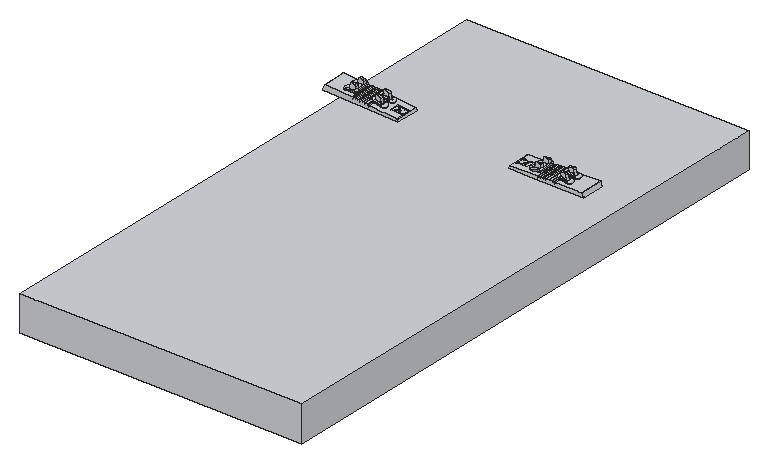
Revit family "LVT-M", category Обобщенные модели, Revit 2019
Family settings
  Основа = Грань
  Может служить основой для арматурных стержней = Нет
  Размер круглого соединителя = Использовать диаметр
  Тип детали = Нормальный
  При загрузке вырезать с полостями = Нет
  Общий = Нет
  Точка расчета площади = Нет
Parameters (values of type "Полушпала LVT-M")
  Default Elevation = 1219.2 mm
Reference planes
  plane 1 "По центру (Вперед/Назад)": y = 0
  plane 2: z = 0
  plane 3 "По центру (Влево/Вправо)": x = 0
Forms (mm)
  Extrusion 1, solid
    sketch origin (0, 0, 0) x (1, 0, 0) y (0, 1, 0)
      loop
        line (-1219.2, 1219.2) -> (-1219.2, -3618.518) -> (1219.2, -3618.518) -> (1219.2, 1219.2) -> (-1219.2, 1219.2)
    from 0 to -304.8
  Sweep 2, solid
    path origin (1095.368, 0, 4.528) x (0, -1, 0) y (0.999666, 0, -0.025854)
      loop
        line (0, 0) -> (201, 0)
    profile origin (1095.368, -100.5, 4.528) x (0.999666, 0, -0.025854) y (0.025854, 0, 0.999666)
      loop
        line (-815.406, -25.294) -> (-165.406, -25.294) -> (-178.027, 21.808)
        arc (-178.027, 21.808) -> (-179.912, 24.554) -> (-183.102, 25.508) r 5
        line (-183.102, 25.508) -> (-412.493, 14.238) -> (-418.493, 5.933) -> (-419.493, 5.903) -> (-420.194, 19.928) -> (-427.964, 19.54)
        arc (-427.964, 19.54) -> (-428.538, 19.322) -> (-428.877, 18.809) r 1
        line (-428.877, 18.809) -> (-429.533, 16.457) -> (-432.529, 16.308) -> (-433.416, 18.582)
        arc (-433.416, 18.582) -> (-433.804, 19.059) -> (-434.397, 19.218) r 1
        line (-434.397, 19.218) -> (-443.884, 18.744)
        arc (-443.884, 18.744) -> (-444.488, 18.501) -> (-444.815, 17.939) r 1
        line (-444.815, 17.939) -> (-446.262, 10.615) -> (-455.25, 10.165) -> (-457.42, 17.308)
        arc (-457.42, 17.308) -> (-457.802, 17.836) -> (-458.427, 18.016) r 1
        line (-458.427, 18.016) -> (-468.634, 17.506)
        arc (-468.634, 17.506) -> (-469.325, 17.178) -> (-469.582, 16.457) r 1
        line (-469.582, 16.457) -> (-469.483, 14.46) -> (-472.479, 14.31) -> (-472.579, 16.308)
        arc (-472.579, 16.308) -> (-472.907, 16.999) -> (-473.627, 17.256) r 1
        line (-473.627, 17.256) -> (-483.834, 16.746)
        arc (-483.834, 16.746) -> (-484.438, 16.504) -> (-484.765, 15.941) r 1
        line (-484.765, 15.941) -> (-486.212, 8.617) -> (-495.2, 8.168) -> (-497.371, 15.311)
        arc (-497.371, 15.311) -> (-497.752, 15.838) -> (-498.377, 16.019) r 1
        line (-498.377, 16.019) -> (-508.584, 15.509)
        arc (-508.584, 15.509) -> (-509.275, 15.181) -> (-509.533, 14.46) r 1
        line (-509.533, 14.46) -> (-509.433, 12.462) -> (-512.429, 12.313) -> (-512.529, 14.31)
        arc (-512.529, 14.31) -> (-512.857, 15.002) -> (-513.578, 15.259) r 1
        line (-513.578, 15.259) -> (-523.784, 14.749)
        arc (-523.784, 14.749) -> (-524.388, 14.506) -> (-524.715, 13.944) r 1
        line (-524.715, 13.944) -> (-526.162, 6.62) -> (-535.151, 6.17) -> (-537.321, 13.313)
        arc (-537.321, 13.313) -> (-537.702, 13.841) -> (-538.327, 14.021) r 1
        line (-538.327, 14.021) -> (-547.814, 13.547)
        arc (-547.814, 13.547) -> (-548.389, 13.329) -> (-548.727, 12.817) r 1
        line (-548.727, 12.817) -> (-549.383, 10.465) -> (-552.379, 10.315) -> (-553.266, 12.59)
        arc (-553.266, 12.59) -> (-553.654, 13.066) -> (-554.247, 13.225) r 1
        line (-554.247, 13.225) -> (-562.017, 12.837) -> (-561.321, -1.084) -> (-562.32, -1.133) -> (-568.32, 6.582) -> (-806.407, -5.116)
        arc (-806.407, -5.116) -> (-809.302, -6.219) -> (-810.991, -8.815) r 5
        line (-810.991, -8.815) -> (-815.406, -25.294)
  Sweep 3, solid
    path origin (-1493.67, 0, 71.488) x (0, -1, 0) y (0.999666, 0, -0.025854)
      loop
        line (0, 0) -> (201, 0)
    profile origin (-1493.67, -100.5, 71.488) x (0.999666, 0, -0.025854) y (0.025854, 0, 0.999666)
      loop
        line (815.406, -25.294) -> (810.991, -8.815)
        arc (810.991, -8.815) -> (809.302, -6.219) -> (806.407, -5.116) r 5
        line (806.407, -5.116) -> (568.32, 6.582) -> (562.32, -1.133) -> (561.321, -1.084) -> (562.017, 12.837) -> (554.247, 13.225)
        arc (554.247, 13.225) -> (553.654, 13.066) -> (553.266, 12.59) r 1
        line (553.266, 12.59) -> (552.379, 10.315) -> (549.383, 10.465) -> (548.727, 12.817)
        arc (548.727, 12.817) -> (548.389, 13.329) -> (547.814, 13.547) r 1
        line (547.814, 13.547) -> (538.327, 14.021)
        arc (538.327, 14.021) -> (537.702, 13.841) -> (537.321, 13.313) r 1
        line (537.321, 13.313) -> (535.151, 6.17) -> (526.162, 6.62) -> (524.715, 13.944)
        arc (524.715, 13.944) -> (524.388, 14.506) -> (523.784, 14.749) r 1
        line (523.784, 14.749) -> (513.578, 15.259)
        arc (513.578, 15.259) -> (512.857, 15.002) -> (512.529, 14.31) r 1
        line (512.529, 14.31) -> (512.429, 12.313) -> (509.433, 12.462) -> (509.533, 14.46)
        arc (509.533, 14.46) -> (509.275, 15.181) -> (508.584, 15.509) r 1
        line (508.584, 15.509) -> (498.377, 16.019)
        arc (498.377, 16.019) -> (497.752, 15.838) -> (497.371, 15.311) r 1
        line (497.371, 15.311) -> (495.2, 8.168) -> (486.212, 8.617) -> (484.765, 15.941)
        arc (484.765, 15.941) -> (484.438, 16.504) -> (483.834, 16.746) r 1
        line (483.834, 16.746) -> (473.627, 17.256)
        arc (473.627, 17.256) -> (472.907, 16.999) -> (472.579, 16.308) r 1
        line (472.579, 16.308) -> (472.479, 14.31) -> (469.483, 14.46) -> (469.582, 16.457)
        arc (469.582, 16.457) -> (469.325, 17.178) -> (468.634, 17.506) r 1
        line (468.634, 17.506) -> (458.427, 18.016)
        arc (458.427, 18.016) -> (457.802, 17.836) -> (457.42, 17.308) r 1
        line (457.42, 17.308) -> (455.25, 10.165) -> (446.262, 10.615) -> (444.815, 17.939)
        arc (444.815, 17.939) -> (444.488, 18.501) -> (443.884, 18.744) r 1
        line (443.884, 18.744) -> (434.397, 19.218)
        arc (434.397, 19.218) -> (433.804, 19.059) -> (433.416, 18.582) r 1
        line (433.416, 18.582) -> (432.529, 16.308) -> (429.533, 16.457) -> (428.877, 18.809)
        arc (428.877, 18.809) -> (428.538, 19.322) -> (427.964, 19.54) r 1
        line (427.964, 19.54) -> (420.194, 19.928) -> (419.493, 5.903) -> (418.493, 5.933) -> (412.493, 14.238) -> (183.102, 25.508)
        arc (183.102, 25.508) -> (179.912, 24.554) -> (178.027, 21.808) r 5
        line (178.027, 21.808) -> (165.406, -25.294) -> (815.406, -25.294)
  Sweep 4, solid
    path origin (289.099, 0, 20.263) x (0, -1, 0) y (0.99973, 0, 0.023231)
      loop
        line (64.24, 231.981) -> (49.24, 231.981)
    profile origin (521.018, -56.74, 25.653) x (-0.99973, 0, -0.023231) y (-0.023231, 0, 0.99973)
      loop
        line (0, 0) -> (59, -0.051) -> (59.007, 8) -> (58.011, 7.981) -> (57.321, 11.724) -> (54.187, 28.728) -> (48.054, 62.01)
        arc (48.054, 62.01) -> (45.131, 69.083) -> (38.062, 72.018) r 10
        line (38.062, 72.018) -> (10.063, 72.042)
        arc (10.063, 72.042) -> (2.989, 69.12) -> (0.054, 62.051) r 10
        line (0.054, 62.051) -> (0.035, 40.067) -> (0.021, 23.723) -> (0, 0)
  Sweep 5, solid
    path origin (289.099, -201, 20.263) x (0, 1, 0) y (-0.99973, 0, -0.023231)
      loop
        line (64.24, -231.981) -> (49.24, -231.981)
    profile origin (521.018, -144.26, 25.653) x (0.99973, 0, 0.023231) y (-0.023231, 0, 0.99973)
      loop
        line (0, 0) -> (-0.021, 23.723) -> (-0.035, 40.067) -> (-0.054, 62.051)
        arc (-0.054, 62.051) -> (-2.989, 69.12) -> (-10.063, 72.042) r 10
        line (-10.063, 72.042) -> (-38.062, 72.018)
        arc (-38.062, 72.018) -> (-45.131, 69.083) -> (-48.054, 62.01) r 10
        line (-48.054, 62.01) -> (-54.187, 28.728) -> (-57.321, 11.724) -> (-58.011, 7.981) -> (-59.007, 8) -> (-59, -0.051) -> (0, 0)
  Sweep 6, solid
    path origin (920.886, 0, 35.146) x (0, -1, 0) y (0.99971, 0, 0.024099)
      loop
        line (64.24, -231.981) -> (49.24, -231.981)
    profile origin (688.972, -56.74, 29.555) x (-0.99971, 0, -0.024099) y (-0.024099, 0, 0.99971)
      loop
        line (0, 0) -> (-0.021, 23.723) -> (-0.035, 40.067) -> (-0.054, 62.051)
        arc (-0.054, 62.051) -> (-2.989, 69.12) -> (-10.063, 72.042) r 10
        line (-10.063, 72.042) -> (-38.062, 72.018)
        arc (-38.062, 72.018) -> (-45.131, 69.083) -> (-48.054, 62.01) r 10
        line (-48.054, 62.01) -> (-54.187, 28.728) -> (-57.321, 11.724) -> (-58.011, 7.981) -> (-59.007, 8) -> (-59, -0.051) -> (0, 0)
  Sweep 7, solid
    path origin (920.886, -201, 35.146) x (0, 1, 0) y (-0.99971, 0, -0.024099)
      loop
        line (64.24, 231.981) -> (49.24, 231.981)
    profile origin (688.972, -144.26, 29.555) x (0.99971, 0, 0.024099) y (-0.024099, 0, 0.99971)
      loop
        line (0, 0) -> (59, -0.051) -> (59.007, 8) -> (58.011, 7.981) -> (57.321, 11.724) -> (54.187, 28.728) -> (48.054, 62.01)
        arc (48.054, 62.01) -> (45.131, 69.083) -> (38.062, 72.018) r 10
        line (38.062, 72.018) -> (10.063, 72.042)
        arc (10.063, 72.042) -> (2.989, 69.12) -> (0.054, 62.051) r 10
        line (0.054, 62.051) -> (0.035, 40.067) -> (0.021, 23.723) -> (0, 0)
  Sweep 8, solid
    path origin (1083.96, 0, 153.67) x (0, -1, 0) y (0.973628, 0, 0.22814)
      loop
        arc (85.24, -603.49) -> (100.5, -588.23) -> (115.76, -603.49) r 15.26
        line (115.76, -603.49) -> (115.76, -642.562)
        arc (115.76, -642.562) -> (144.26, -671.062) -> (172.76, -642.562) r 28.5
        line (172.76, -642.562) -> (172.76, -579.258)
        arc (172.76, -579.258) -> (165.144, -560.874) -> (146.76, -553.258) r 26
        line (146.76, -553.258) -> (54.24, -553.258)
        arc (54.24, -553.258) -> (35.856, -560.874) -> (28.24, -579.258) r 26
        line (28.24, -579.258) -> (28.24, -642.562)
        arc (28.24, -642.562) -> (56.74, -671.062) -> (85.24, -642.562) r 28.5
        line (85.24, -642.562) -> (85.24, -603.49)
    profile origin (511.243, -100.5, 19.472) x (0.973628, 0, 0.22814) y (-0.22814, 0, 0.973628)
      loop
        circle (8, 35) r 8
  Sweep 9, solid
    path in 3D
      loop
        line (533.871, -67.5, 31.891) -> (533.871, -133.5, 31.891)
    profile origin (533.871, -100.5, 31.891) x (0.99971, 0, 0.024099) y (-0.024099, 0, 0.99971)
      loop
        line (9.915, 23.238) -> (-13, 17.796) -> (-13, -5.902) -> (-11.687, -5.928) -> (-5.013, -4.246) -> (-5.046, 8.089)
        arc (-5.046, 8.089) -> (-4.204, 10.554) -> (-2.024, 11.978) r 4
        line (-2.024, 11.978) -> (9.937, 14.993) -> (9.915, 23.238)
  Sweep 10, solid
    path origin (120.694, 0, 131.286) x (0, -1, 0) y (0.983175, 0, -0.182668)
      loop
        line (85.24, 603.49) -> (85.24, 642.562)
        arc (85.24, 642.562) -> (56.74, 671.062) -> (28.24, 642.562) r 28.5
        line (28.24, 642.562) -> (28.24, 579.258)
        arc (28.24, 579.258) -> (35.856, 560.874) -> (54.24, 553.258) r 26
        line (54.24, 553.258) -> (146.76, 553.258)
        arc (146.76, 553.258) -> (165.144, 560.874) -> (172.76, 579.258) r 26
        line (172.76, 579.258) -> (172.76, 642.562)
        arc (172.76, 642.562) -> (144.26, 671.062) -> (115.76, 642.562) r 28.5
        line (115.76, 642.562) -> (115.76, 603.49)
        arc (115.76, 603.49) -> (100.5, 588.23) -> (85.24, 603.49) r 15.26
    profile origin (699.027, -100.5, 23.835) x (0.983175, 0, -0.182668) y (0.182668, 0, 0.983175)
      loop
        circle (-8, 35) r 8
  Sweep 11, solid
    path in 3D
      loop
        line (675.847, -67.5, 35.19) -> (675.847, -133.5, 35.19)
    profile origin (675.847, -100.5, 35.19) x (1, 0, 0) y (0, 0, 1)
      loop
        line (-10.432, 23.011) -> (-10.27, 14.767) -> (1.755, 12.02)
        arc (1.755, 12.02) -> (3.967, 10.645) -> (4.864, 8.2) r 4
        line (4.864, 8.2) -> (5.107, -4.132) -> (11.817, -5.665) -> (13.129, -5.61) -> (12.599, 18.082) -> (-10.432, 23.011)
  Sweep 12, solid
    path origin (-687.665, 0, 45.525) x (0, -1, 0) y (0.997193, 0, -0.074878)
      loop
        line (64.24, -231.981) -> (49.24, -231.981)
    profile origin (-918.995, -56.74, 62.896) x (-0.997193, 0, 0.074878) y (0.074878, 0, 0.997193)
      loop
        line (0, 0) -> (-0.021, 23.723) -> (-0.035, 40.067) -> (-0.054, 62.051)
        arc (-0.054, 62.051) -> (-2.989, 69.12) -> (-10.063, 72.042) r 10
        line (-10.063, 72.042) -> (-38.062, 72.018)
        arc (-38.062, 72.018) -> (-45.131, 69.083) -> (-48.054, 62.01) r 10
        line (-48.054, 62.01) -> (-54.187, 28.728) -> (-57.321, 11.724) -> (-58.011, 7.981) -> (-59.007, 8) -> (-59, -0.051) -> (0, 0)
  Sweep 13, solid
    path origin (-687.665, -201, 45.525) x (0, 1, 0) y (-0.997193, 0, 0.074878)
      loop
        line (64.24, 231.981) -> (49.24, 231.981)
    profile origin (-918.995, -144.26, 62.896) x (0.997193, 0, -0.074878) y (0.074878, 0, 0.997193)
      loop
        line (0, 0) -> (59, -0.051) -> (59.007, 8) -> (58.011, 7.981) -> (57.321, 11.724) -> (54.187, 28.728) -> (48.054, 62.01)
        arc (48.054, 62.01) -> (45.131, 69.083) -> (38.062, 72.018) r 10
        line (38.062, 72.018) -> (10.063, 72.042)
        arc (10.063, 72.042) -> (2.989, 69.12) -> (0.054, 62.051) r 10
        line (0.054, 62.051) -> (0.035, 40.067) -> (0.021, 23.723) -> (0, 0)
  Sweep 14, solid
    path origin (-1317.838, 0, 93.046) x (0, -1, 0) y (0.997127, 0, -0.075743)
      loop
        line (64.24, 231.981) -> (49.24, 231.981)
    profile origin (-1086.523, -56.74, 75.475) x (-0.997127, 0, 0.075743) y (0.075743, 0, 0.997127)
      loop
        line (0, 0) -> (59, -0.051) -> (59.007, 8) -> (58.011, 7.981) -> (57.321, 11.724) -> (54.187, 28.728) -> (48.054, 62.01)
        arc (48.054, 62.01) -> (45.131, 69.083) -> (38.062, 72.018) r 10
        line (38.062, 72.018) -> (10.063, 72.042)
        arc (10.063, 72.042) -> (2.989, 69.12) -> (0.054, 62.051) r 10
        line (0.054, 62.051) -> (0.035, 40.067) -> (0.021, 23.723) -> (0, 0)
  Sweep 15, solid
    path origin (-1317.838, -201, 93.046) x (0, 1, 0) y (-0.997127, 0, 0.075743)
      loop
        line (64.24, -231.981) -> (49.24, -231.981)
    profile origin (-1086.523, -144.26, 75.475) x (0.997127, 0, -0.075743) y (0.075743, 0, 0.997127)
      loop
        line (0, 0) -> (-0.021, 23.723) -> (-0.035, 40.067) -> (-0.054, 62.051)
        arc (-0.054, 62.051) -> (-2.989, 69.12) -> (-10.063, 72.042) r 10
        line (-10.063, 72.042) -> (-38.062, 72.018)
        arc (-38.062, 72.018) -> (-45.131, 69.083) -> (-48.054, 62.01) r 10
        line (-48.054, 62.01) -> (-54.187, 28.728) -> (-57.321, 11.724) -> (-58.011, 7.981) -> (-59.007, 8) -> (-59, -0.051) -> (0, 0)
  Sweep 16, solid
    path origin (-1474.568, 0, 219.842) x (0, -1, 0) y (0.960534, 0, -0.278163)
      loop
        line (85.24, 603.49) -> (85.24, 642.562)
        arc (85.24, 642.562) -> (56.74, 671.062) -> (28.24, 642.562) r 28.5
        line (28.24, 642.562) -> (28.24, 579.258)
        arc (28.24, 579.258) -> (35.856, 560.874) -> (54.24, 553.258) r 26
        line (54.24, 553.258) -> (146.76, 553.258)
        arc (146.76, 553.258) -> (165.144, 560.874) -> (172.76, 579.258) r 26
        line (172.76, 579.258) -> (172.76, 642.562)
        arc (172.76, 642.562) -> (144.26, 671.062) -> (115.76, 642.562) r 28.5
        line (115.76, 642.562) -> (115.76, 603.49)
        arc (115.76, 603.49) -> (100.5, 588.23) -> (85.24, 603.49) r 15.26
    profile origin (-909.553, -100.5, 56.218) x (0.960534, 0, -0.278163) y (0.278163, 0, 0.960534)
      loop
        circle (-8, 35) r 8
  Sweep 17, solid
    path in 3D
      loop
        line (-931.509, -67.5, 69.79) -> (-931.509, -133.5, 69.79)
    profile origin (-931.509, -100.5, 69.79) x (1, 0, 0) y (0, 0, 1)
      loop
        line (-8.127, 23.923) -> (-8.773, 15.703) -> (2.925, 11.79)
        arc (2.925, 11.79) -> (4.992, 10.205) -> (5.644, 7.684) r 4
        line (5.644, 7.684) -> (4.677, -4.613) -> (11.205, -6.796) -> (12.516, -6.87) -> (14.311, 16.76) -> (-8.127, 23.923)
  Sweep 18, solid
    path origin (-513.746, 0, 147.695) x (0, -1, 0) y (0.991303, 0, 0.131602)
      loop
        arc (85.24, -603.49) -> (100.5, -588.23) -> (115.76, -603.49) r 15.26
        line (115.76, -603.49) -> (115.76, -642.562)
        arc (115.76, -642.562) -> (144.26, -671.062) -> (172.76, -642.562) r 28.5
        line (172.76, -642.562) -> (172.76, -579.258)
        arc (172.76, -579.258) -> (165.144, -560.874) -> (146.76, -553.258) r 26
        line (146.76, -553.258) -> (54.24, -553.258)
        arc (54.24, -553.258) -> (35.856, -560.874) -> (28.24, -579.258) r 26
        line (28.24, -579.258) -> (28.24, -642.562)
        arc (28.24, -642.562) -> (56.74, -671.062) -> (85.24, -642.562) r 28.5
        line (85.24, -642.562) -> (85.24, -603.49)
    profile origin (-1096.86, -100.5, 70.282) x (0.991303, 0, 0.131602) y (-0.131602, 0, 0.991303)
      loop
        circle (8, 35) r 8
  Sweep 19, solid
    path in 3D
      loop
        line (-1073.124, -67.5, 80.424) -> (-1073.124, -133.5, 80.424)
    profile origin (-1073.124, -100.5, 80.424) x (1, 0, 0) y (0, 0, 1)
      loop
        line (11.608, 22.441) -> (-11.647, 18.709) -> (-13.401, -4.924) -> (-12.094, -5.047) -> (-5.314, -3.863) -> (-4.433, 8.44)
        arc (-4.433, 8.44) -> (-3.412, 10.836) -> (-1.132, 12.095) r 4
        line (-1.132, 12.095) -> (11.019, 14.217) -> (11.608, 22.441)
  Extrusion 20, void
    sketch origin (289.099, 0, 20.263) x (0, -1, 0) y (0.99973, 0, 0.023231)
      loop
        line (61.237, 103.362) -> (61.237, 3.362) -> (141.237, 3.362) -> (141.237, 103.362) -> (61.237, 103.362)
    from 0 to -2
  Extrusion 21, void
    sketch origin (289.099, 0, 20.263) x (0, 1, 0) y (0.99973, 0, 0.023231)
      loop
        line (-66.729, 18.486) -> (-83.464, 90.973) -> (-101.237, 49.101) -> (-119.011, 90.973) -> (-135.746, 18.486) -> (-130.614, 18.486) -> (-117.6, 74.854) -> (-101.237, 36.305) -> (-84.874, 74.854) -> (-71.86, 18.486) -> (-66.729, 18.486)
    from 4 to -3
  Extrusion 22, void
    sketch origin (-687.665, 0, 45.525) x (0, -1, 0) y (0.997193, 0, -0.074878)
      loop
        line (61.237, -103.362) -> (141.237, -103.362) -> (141.237, -3.362) -> (61.237, -3.362) -> (61.237, -103.362)
    from 0 to -2
  Extrusion 23, void
    sketch origin (-687.665, 0, 45.525) x (0, 1, 0) y (0.997193, 0, -0.074878)
      loop
        line (-66.729, -18.486) -> (-71.86, -18.486) -> (-84.874, -74.854) -> (-101.237, -36.305) -> (-117.6, -74.854) -> (-130.614, -18.486) -> (-135.746, -18.486) -> (-119.011, -90.973) -> (-101.237, -49.101) -> (-83.464, -90.973) -> (-66.729, -18.486)
    from 4 to -3
Cuts and joins
  Extrusion 20, Extrusion 21, Extrusion 22, Extrusion 23 cuts Sweep 2
  Extrusion 22, Extrusion 23 cuts Sweep 3
Lines and regions (mm)
  symbolic lines
    curve 1: line (-642.562, -44.24, 0) -> (-579.258, -44.24, 0)
    curve 2: line (-569.258, -146.76, 0) -> (-569.258, -54.24, 0)
    curve 3: line (-642.562, -156.76, 0) -> (-579.258, -156.76, 0)
    curve 4: line (-603.49, -69.24, 0) -> (-642.562, -69.24, 0)
    curve 5: arc (-642.562, -44.24, 0) -> (-655.062, -56.74, 0) -> (-642.562, -69.24, 0) r 12.5
    curve 6: line (-603.833, -100.5, 0) -> (-648.833, -100.5, 0)
    curve 7: line (-603.49, -131.76, 0) -> (-642.562, -131.76, 0)
    curve 8: arc (-642.562, -156.76, 0) -> (-655.062, -144.26, 0) -> (-642.562, -131.76, 0) r 12.5
    curve 9: arc (-579.258, -44.24, 0) -> (-572.187, -47.169, 0) -> (-569.258, -54.24, 0) r 10
    curve 10: arc (-579.258, -156.76, 0) -> (-572.187, -153.831, 0) -> (-569.258, -146.76, 0) r 10
    curve 11: line (-603.49, -85.24, 0) -> (-642.562, -85.24, 0)
    curve 12: arc (-642.562, -28.24, 0) -> (-671.062, -56.74, 0) -> (-642.562, -85.24, 0) r 28.5
    curve 13: line (-642.562, -28.24, 0) -> (-579.258, -28.24, 0)
    curve 14: arc (-579.258, -28.24, 0) -> (-560.874, -35.856, 0) -> (-553.258, -54.24, 0) r 26
    curve 15: line (-553.258, -146.76, 0) -> (-553.258, -54.24, 0)
    curve 16: arc (-579.258, -172.76, 0) -> (-560.874, -165.144, 0) -> (-553.258, -146.76, 0) r 26
    curve 17: line (-642.562, -172.76, 0) -> (-579.258, -172.76, 0)
    curve 18: arc (-642.562, -172.76, 0) -> (-671.062, -144.26, 0) -> (-642.562, -115.76, 0) r 28.5
    curve 19: line (-603.49, -115.76, 0) -> (-642.562, -115.76, 0)
    curve 20: arc (-603.49, -85.24, 0) -> (-588.23, -100.5, 0) -> (-603.49, -115.76, 0) r 15.26
    curve 25: line (0, 929.363, -16.482) -> (0, -1328.973, 41.926)
    curve 26: line (0, -199.805, 12.722) -> (0, -183.258, 652.508)
  sketch lines
    curve 21: line (533.871, -67.5, 31.891) -> (533.871, -133.5, 31.891)
    curve 22: line (675.847, -67.5, 35.19) -> (675.847, -133.5, 35.19)
    curve 23: line (-931.509, -67.5, 69.79) -> (-931.509, -133.5, 69.79)
    curve 24: line (-1073.124, -67.5, 80.424) -> (-1073.124, -133.5, 80.424)
Dimensions and locks
  aligned and locked: plane 2 to Extrusion 1
  aligned and locked: level to Extrusion 1
